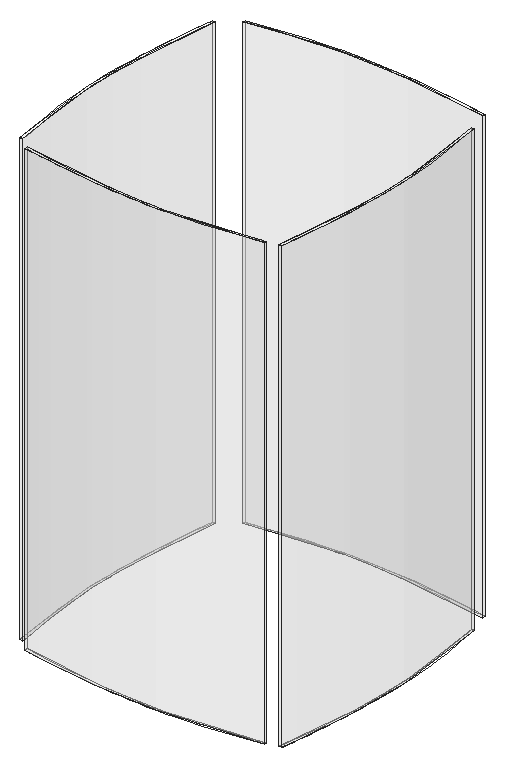
Revit family "SH-1734", category Lighting Fixtures, host Face, Revit 2017
Family settings
  Host = Face
  Round Connector Dimension = Use Diameter
  Part Type = Normal
  Cut with Voids When Loaded = No
  Light Source = Yes
  Shared = No
  Room Calculation Point = No
Parameters (values of type "SH-1734(Black color-3000K-E27)")
  website = "www.shoaco.com"
  instalation = "Surface mounted"
  consumption current = 0.06 A
  color temperature = "3000K"
  color rendering index(CRI) = ""
  Width base = 10 cm
  Width = 18.484 cm
  Wattage. = 9 W
  Wattage = 9 W
  Voltage/Frequency = "230v/50hz"
  built-in parameter 1150110 = 1 (stored number, unit not read)
  URL = "https://www.shoaco.com/fa/product/%DA%86%D8%B1%D8%A7%D8%BA-%D9%87%D8%A7%DB%8C-%D8%AD%DB%8C%D8%A7%D8%B7%DB%8C/566-%DA%86%D8%B1%D8%A7%D8%BA-%D8%AD%DB%8C%D8%A7%D8%B7%DB%8C-%D8%B3%D8%B1%D8%B3%D8%AA%D9%88%D9%86-%D8%B4%D8%B9%D8%A7%D8%B9-%D9%85%D8%AF%D9%84-SH-1734.html"
  Type medule = ""
  built-in parameter 1114217 = 1 (stored number, unit not read)
  Tilt Angle = 90.00°
  built-in parameter 1150109 = 1 (stored number, unit not read)
  built-in parameter 1150134 = 3
  built-in parameter 1150113 = 1 (stored number, unit not read)
  Protection Class = "Class I"
  Photometric Web File = "4376_V-TAC7WLEDBulbE27A60Thermoplastic3000K_1-5117.ies"
  Model = "SH-1734"
  Manufacturer = "SHOA"
  built-in parameter 1150105 = 50.134 (stored number, unit not read)
  Lumens = 630 lm
  built-in parameter 1150115 = 1 (stored number, unit not read)
  built-in parameter 1150137 = (empty or 0)
  built-in parameter 1150139 = (empty or 0)
  built-in parameter 1150112 = 1 (stored number, unit not read)
  built-in parameter 1150114 = 1 (stored number, unit not read)
  Lamp = "E27"
  built-in parameter 1150132 = (empty or 0)
  built-in parameter 1150102 = (empty or 0)
  built-in parameter 1150107 = 3200 (stored number, unit not read)
  built-in parameter 1150138 = (empty or 0)
  built-in parameter 1150106 = 0.50134 (stored number, unit not read)
  IP = "IP44"
  Height = 34.666 cm
  Flicker = ""
  Emit from Circle Diameter = 60.96 cm
  Emit Shape Visible in Rendering = no
  built-in parameter 1150104 = 6.5032 (stored number, unit not read)
  Dimming Lamp Color Temperature Shift = <None>
  Diffuser Material = "Acrylic"
  Diffuser [instance] = Diffuser
  Default Elevation = 121.92 cm
  Color Filter = 16777215
  Body color = Black Body
  Body Material = "Aluminum"
  built-in parameter 1114218 = 1 (stored number, unit not read)
  built-in parameter 1150133 = 10 (stored number, unit not read)
Reference planes (cm)
  plane 1 "Center (Front/Back)": y = 0
  plane 2: z = 0
  plane 3 "Center (Left/Right)": x = 0
  plane 4: z = 0
  plane 5: x = -9.2727
  plane 6: x = 9.1713
  plane 7: x = 5
  plane 8: x = -5
  plane 9: x = 8.984
  plane 10: x = -9.5
  plane 11: z = 34.666
Dimensions and locks (cm)
  "Width base": plane 7 to plane 8
  "Height": plane 11 to host face
  "Width": plane 10 to plane 9
  aligned and locked: plane 2 to host face
  aligned and locked: level to host face
Automatic sketch dimensions
  host sketch curve to host sketch curve = 243.84 cm  (x2)
Nested families (cm)
  nested 1: "1734" at (-27.7666, -13.4448, 0), Body color <- "Body color", Diffuser <- "Diffuser", type "1734"
    with Diffuser Diffuser, Body color Black Body
Connectors (cm)
  electrical at (-0.0108, 1.3715, 9.3)
    settings: on nested 1, index 2, voltage 230 V, apparent load 0 VA, apparent load phase1 0 VA, apparent load phase2 0 VA, apparent load phase3 0 VA, power factor 1, load classification "Other", number of poles 1, system type 31, power factor state 1, is connector primary yes, connector utility no, sub classification motor no, connector description ""
Definition of nested family "1734"
  Parameters (values of type "Family2")
    Diffuser [instance] = none
    Body color [instance] = none
  Reference planes (cm)
    plane 1 "Center (Front/Back)": y = 0
    plane 2: z = 0
    plane 3 "Center (Left/Right)": x = 0
  Forms (cm)
    Extrusion 1, solid, material <- "Diffuser"
      sketch origin (27.9192, 14.6861, -24.85) x (1, 0, 0) y (0, 1, 0)
        loop
          line (-5.3203, 6.1882) -> (-5.331, 6.0529)
          spline (-5.331, 6.0529) -> (-4.6757, 6.1436) -> (-3.5563, 6.2913) -> (-2.5351, 6.4097) -> (-1.7064, 6.4846) -> (-1.0107, 6.5252) -> (-0.3893, 6.5397) -> (0.2142, 6.5331) -> (0.8522, 6.5096) -> (1.5518, 6.4701) -> (2.3487, 6.4104) -> (3.5319, 6.2836) -> (5.5642, 6.0136)
          line (5.5642, 6.0136) -> (5.5642, 6.1536)
          spline (5.5642, 6.1536) -> (5.3001, 6.1945) -> (4.7048, 6.2847) -> (3.8903, 6.3849) -> (2.9668, 6.4804) -> (2.0446, 6.5604) -> (1.1974, 6.6169) -> (0.4022, 6.6494) -> (-0.3795, 6.6588) -> (-1.1894, 6.6451) -> (-2.1469, 6.5891) -> (-3.455, 6.4505) -> (-5.3203, 6.1882)
      from 35.87 to 56.27
    Extrusion 2, solid, material <- "Diffuser"
      sketch origin (27.8597, 14.5637, -24.85) x (0, 1, 0) y (-1, 0, 0)
        loop
          line (-5.3203, 6.1882) -> (-5.331, 6.0529)
          spline (-5.331, 6.0529) -> (-4.6757, 6.1436) -> (-3.5563, 6.2913) -> (-2.5351, 6.4097) -> (-1.7064, 6.4846) -> (-1.0107, 6.5252) -> (-0.3893, 6.5397) -> (0.2142, 6.5331) -> (0.8522, 6.5096) -> (1.5518, 6.4701) -> (2.3487, 6.4104) -> (3.5319, 6.2836) -> (5.5642, 6.0136)
          line (5.5642, 6.0136) -> (5.5642, 6.1536)
          spline (5.5642, 6.1536) -> (5.3001, 6.1945) -> (4.7048, 6.2847) -> (3.8903, 6.3849) -> (2.9668, 6.4804) -> (2.0446, 6.5604) -> (1.1974, 6.6169) -> (0.4022, 6.6494) -> (-0.3795, 6.6588) -> (-1.1894, 6.6451) -> (-2.1469, 6.5891) -> (-3.455, 6.4505) -> (-5.3203, 6.1882)
      from 35.87 to 56.27
    Extrusion 3, solid, material <- "Diffuser"
      sketch origin (27.8461, 14.9078, -24.85) x (-1, 0, 0) y (0, -1, 0)
        loop
          line (-5.3203, 6.1882) -> (-5.331, 6.0529)
          spline (-5.331, 6.0529) -> (-4.6757, 6.1436) -> (-3.5563, 6.2913) -> (-2.5351, 6.4097) -> (-1.7064, 6.4846) -> (-1.0107, 6.5252) -> (-0.3893, 6.5397) -> (0.2142, 6.5331) -> (0.8522, 6.5096) -> (1.5518, 6.4701) -> (2.3487, 6.4104) -> (3.5319, 6.2836) -> (5.5642, 6.0136)
          line (5.5642, 6.0136) -> (5.5642, 6.1536)
          spline (5.5642, 6.1536) -> (5.3001, 6.1945) -> (4.7048, 6.2847) -> (3.8903, 6.3849) -> (2.9668, 6.4804) -> (2.0446, 6.5604) -> (1.1974, 6.6169) -> (0.4022, 6.6494) -> (-0.3795, 6.6588) -> (-1.1894, 6.6451) -> (-2.1469, 6.5891) -> (-3.455, 6.4505) -> (-5.3203, 6.1882)
      from 35.87 to 56.27
    Extrusion 4, solid, material <- "Diffuser"
      sketch origin (27.6329, 14.491, -24.85) x (0, -1, 0) y (1, 0, 0)
        loop
          line (-5.3203, 6.1882) -> (-5.331, 6.0529)
          spline (-5.331, 6.0529) -> (-4.6757, 6.1436) -> (-3.5563, 6.2913) -> (-2.5351, 6.4097) -> (-1.7064, 6.4846) -> (-1.0107, 6.5252) -> (-0.3893, 6.5397) -> (0.2142, 6.5331) -> (0.8522, 6.5096) -> (1.5518, 6.4701) -> (2.3487, 6.4104) -> (3.5319, 6.2836) -> (5.5642, 6.0136)
          line (5.5642, 6.0136) -> (5.5642, 6.1536)
          spline (5.5642, 6.1536) -> (5.3001, 6.1945) -> (4.7048, 6.2847) -> (3.8903, 6.3849) -> (2.9668, 6.4804) -> (2.0446, 6.5604) -> (1.1974, 6.6169) -> (0.4022, 6.6494) -> (-0.3795, 6.6588) -> (-1.1894, 6.6451) -> (-2.1469, 6.5891) -> (-3.455, 6.4505) -> (-5.3203, 6.1882)
      from 35.87 to 56.27
  Dimensions and locks (cm)
    aligned and locked: plane 2 to level
